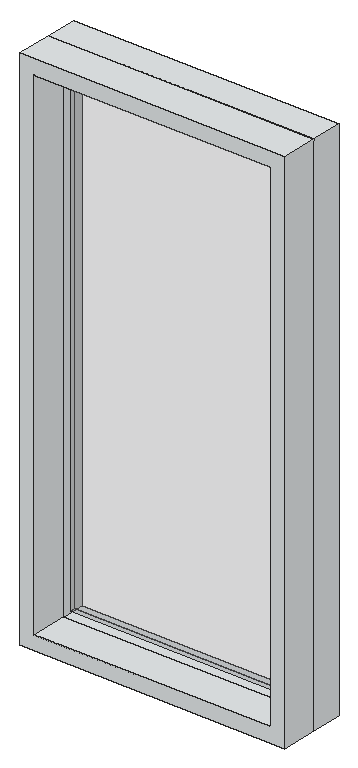
Revit family "Janela_Internas_1Paine_DEG", category Windows, host Wall, Revit 2020
Family settings
  Host = Wall
  OmniClass Number = 23.30.20.17.21.14
  OmniClass Title = Casement Windows
  Always vertical = Yes
  Cut with Voids When Loaded = No
  Shared = No
  Room Calculation Point = No
Parameters (values of type "JAN_060x120_INT_DEG_1PA")
  Material_Esquadria = CT_Esquadrias_Aluminio
  Material Painel = CT_Vidros
  Height = 1200.00 mm
  Define Thermal Properties by = Schematic Type
  Default Sill Height = 900.00 mm
  Trim Projection - Ext. = 12.50 mm
  Trim Projection - Int. = 12.50 mm
  Trim Width - Exterior = 50.00 mm
  Trim Width - Interior = 50.00 mm
  Wall Closure = By host
  Width = 600.00 mm
  Window Inset = 25.00 mm
  Analytic Construction = "<None>"
Types (4, lengths in mm): name | Height | Default Sill Height | Trim Projection - Ext. | Trim Projection - Int. | Trim Width - Exterior | Trim Width - Interior | Width | Window Inset
  JAN_200x060_INT_DEG_1PA | 600.00 | 900.00 | 12.50 | 12.50 | 50.00 | 50.00 | 2000.00 | 25.00
  JAN_120x120_INT_DEG_1PA | 1200.00 | 900.00 | 12.50 | 12.50 | 50.00 | 50.00 | 1200.00 | 25.00
  JAN_060x120_INT_DEG_1PA | 1200.00 | 900.00 | 12.50 | 12.50 | 50.00 | 50.00 | 600.00 | 25.00
  JAN_080x080_INT_DEG_1PA | 800.00 | 1000.00 | 10.00 | 10.00 | 10.00 | 10.00 | 800.00 | 10.00
Reference planes
  plane 1: y = 0
  plane 2: z = 0
  plane 3 "Center": x = 0
  plane 4 "Left": x = -300
  plane 5 "Right": x = 300
  plane 6 "Sill": z = 900
  plane 7 "Top": z = 2100
  plane 8: y = 76.2
  plane 9: y = -76.2
  plane 10: y = 51.2
  plane 11 "Top": z = 1500
  plane 12: x = -280.95
  plane 13: x = -268.25
  plane 14: x = -330.95
  plane 15: x = -318.25
  plane 16: x = 268.25
  plane 17: x = 280.95
  plane 18: x = 318.25
  plane 19: x = 330.95
  plane 20: z = 2130.95
  plane 21: z = 2118.25
  plane 22: z = 2080.95
  plane 23: z = 2068.25
  plane 24: z = 931.75
  plane 25: z = 881.75
  plane 26 "Closure": y = 28.625
Forms (mm)
  Extrusion 1, solid, material "CT_Esquadrias_Aluminio" <- "Material_Esquadria"
    sketch origin (0, 0, 0) x (1, 0, 0) y (0, 0, 1)
      loop
        line (-300, 2100) -> (-300, 900) -> (300, 900) -> (300, 2100) -> (-300, 2100)
      loop
        line (-280.95, 2080.95) -> (-280.95, 919.05) -> (280.95, 919.05) -> (280.95, 2080.95) -> (-280.95, 2080.95)
    from -76.2 to -6.75
  Extrusion 2, solid, material "CT_Esquadrias_Aluminio" <- "Material_Esquadria"
    sketch origin (0, 0, 0) x (-1, 0, 0) y (0, 0, 1)
      loop
        line (-300, 2100) -> (-300, 900) -> (300, 900) -> (300, 2100) -> (-300, 2100)
      loop
        line (-268.25, 2068.25) -> (-268.25, 931.75) -> (268.25, 931.75) -> (268.25, 2068.25) -> (-268.25, 2068.25)
    from 6.75 to -76.2
  Extrusion 3, solid, material "CT_Vidros" <- "Material Painel"
    sketch origin (-124.971, -78.7, -117.036) x (1, 0, 0) y (0, 0, 1)
      loop
        line (-143.279, 2185.286) -> (-143.279, 1048.786) -> (393.221, 1048.786) -> (393.221, 2185.286) -> (-143.279, 2185.286)
    from -118.585 to -107.675
Lines and regions (mm)
  Opening 1
    outline origin (-1524, -76.2, 0) x (1, 0, 0) y (0, 0, 1)
      loop
        line (1224, 2100) -> (1224, 900) -> (1824, 900) -> (1824, 2100) -> (1224, 2100)
  symbolic lines, style "WindowsFrameMullionProjection"
    curve 1: line (-300, 76.2, 0) -> (-280.95, 76.2, 0)
    curve 2: line (-280.95, 6.75, 0) -> (-280.95, 76.2, 0)
    curve 3: line (-280.95, 6.75, 0) -> (-268.25, 6.75, 0)
    curve 4: line (-268.25, -76.2, 0) -> (-268.25, 6.75, 0)
    curve 5: line (300, 76.2, 0) -> (280.95, 76.2, 0)
    curve 6: line (268.25, 6.75, 0) -> (268.25, -76.2, 0)
    curve 7: line (268.25, 6.75, 0) -> (280.95, 6.75, 0)
    curve 8: line (280.95, 6.75, 0) -> (280.95, 76.2, 0)
    curve 9: line (-280.95, 51.2, 0) -> (-236.5, 51.2, 0)
    curve 10: line (-280.95, 51.2, 0) -> (-280.95, 6.75, 0)
    curve 11: line (-280.95, 6.75, 0) -> (-236.5, 6.75, 0)
    curve 12: line (-236.5, 51.2, 0) -> (-236.5, 6.75, 0)
    curve 13: line (280.95, 51.2, 0) -> (236.5, 51.2, 0)
    curve 14: line (280.95, 51.2, 0) -> (280.95, 6.75, 0)
    curve 15: line (280.95, 6.75, 0) -> (236.5, 6.75, 0)
    curve 16: line (236.5, 51.2, 0) -> (236.5, 6.75, 0)
    curve 18: line (-268.25, -76.2, 0) -> (-300, -76.2, 0)
    curve 19: line (268.25, -76.2, 0) -> (300, -76.2, 0)
  symbolic lines, style "WindowsGlassProjection"
    curve 17: line (-236.5, 28.975, 0) -> (236.5, 28.975, 0)
Text (mm)
  text "EXTERIOR" at (-1437.207, 772.553, 0), in view "Floor Line"
  text "INTERIOR" at (-1490.695, -608.643, 0), in view "Floor Line"
  text "Exterior" at (0, 1108.87, 3415.022), in view "Left"
  text "Exterior" at (0, 464.664, 3176.206), in view "Right"
Dimensions and locks
  equal spacing: plane 4 "Left", plane 3 "Center", plane 5 "Right"
  "Width": plane 4 "Left" to plane 5 "Right"
  plane 2 to plane 25 to plane 6 "Sill" to plane 11 "Top" to plane 7 "Top" = 881.75 mm, 18.25 mm, 600.00 mm, 600.00 mm
  "Window Inset": plane 8 to plane 10
  plane 10 to Extrusion 3 = 11.315 mm
  Extrusion 3 to Extrusion 3 = 10.91 mm
  equal spacing: plane 6 "Sill", plane 11 "Top", plane 7 "Top"
  locked: plane 4 "Left" to plane 13 at 31.75
  locked: plane 16 to plane 5 "Right" at 31.75
  locked: plane 4 "Left" to plane 12 at 19.05
  locked: plane 17 to plane 5 "Right" at 19.05
  locked: plane 22 to plane 7 "Top" at 19.05
  "Trim Width - Exterior": plane 22 to plane 20
  "Trim Width - Exterior": plane 17 to plane 19
  "Trim Width - Exterior": plane 14 to plane 12
  locked: plane 7 "Top" to plane 23 at 31.75
  locked: plane 24 to plane 6 "Sill" at 31.75
  "Trim Width - Interior": plane 21 to plane 23
  "Trim Width - Interior": plane 24 to plane 25
  "Trim Width - Interior": plane 15 to plane 13
  "Trim Width - Interior": plane 16 to plane 18
  "Height": plane 7 "Top" to plane 6 "Sill"
  "Default Sill Height": plane 6 "Sill" to plane 2
  locked: plane 8 to plane 26 "Closure" at 47.575
  aligned and locked: plane 7 "Top" to Opening 1 sketch curve
  aligned and locked: plane 6 "Sill" to Opening 1 sketch curve  (x2)
  aligned and locked: plane 5 "Right" to Opening 1 sketch curve
  aligned and locked: plane 4 "Left" to Opening 1 sketch curve
  aligned and locked: plane 9 to host wall
  aligned and locked: host wall to Extrusion 2
  aligned and locked: plane 8 to host wall
  aligned and locked: host wall to Extrusion 1
  aligned and locked: Extrusion 2 to Extrusion 1
  aligned and locked: curve 5 to Extrusion 1  (x2)
  aligned and locked: Extrusion 1 to curve 11
  aligned and locked: Extrusion 1 to curve 7
  aligned and locked: Extrusion 3 to Extrusion 2
  aligned and locked: Extrusion 2 to Extrusion 3  (x3)
  aligned and locked: Extrusion 3 to curve 17
Automatic sketch dimensions
  Extrusion 1 sketch curve to plane 4 "Left" = 0.00 mm
  Extrusion 1 sketch curve to plane 5 "Right" = 0.00 mm
  Extrusion 1 sketch curve to plane 4 "Left" = 19.05 mm
  plane 5 "Right" to Extrusion 1 sketch curve = 19.05 mm
  Extrusion 1 sketch curve to plane 6 "Sill" = 0.00 mm
  Extrusion 1 sketch curve to plane 7 "Top" = 0.00 mm
  Extrusion 1 sketch curve to plane 6 "Sill" = 19.05 mm
  plane 7 "Top" to Extrusion 1 sketch curve = 19.05 mm
  Extrusion 2 sketch curve to plane 5 "Right" = 0.00 mm
  Extrusion 2 sketch curve to plane 4 "Left" = 0.00 mm
  plane 5 "Right" to Extrusion 2 sketch curve = 31.75 mm
  Extrusion 2 sketch curve to plane 4 "Left" = 31.75 mm
  Extrusion 2 sketch curve to plane 6 "Sill" = 0.00 mm
  Extrusion 2 sketch curve to plane 7 "Top" = 0.00 mm
  Extrusion 2 sketch curve to plane 6 "Sill" = 31.75 mm
  plane 7 "Top" to Extrusion 2 sketch curve = 31.75 mm
  curve 18 to plane 4 "Left" = 0.00 mm
  curve 1 to plane 4 "Left" = 0.00 mm
  curve 2 to plane 8 = 0.00 mm
  curve 10 to plane 10 = 0.00 mm
  curve 13 to plane 10 = 0.00 mm
  curve 19 to plane 5 "Right" = 0.00 mm
  curve 2 to plane 4 "Left" = 19.05 mm
  curve 9 to curve 12 = 44.45 mm
  plane 5 "Right" to curve 13 = 19.05 mm
  curve 19 to plane 9 = 0.00 mm
  curve 4 to plane 9 = 0.00 mm
  plane 16 to curve 13 = 31.75 mm
  Extrusion 3 sketch curve to plane 13 = 0.00 mm
  plane 16 to Extrusion 3 sketch curve = 0.00 mm
  Extrusion 3 sketch curve to plane 24 = 0.00 mm
  plane 23 to Extrusion 3 sketch curve = 0.00 mm
  curve 3 to plane 13 = 0.00 mm
  curve 7 to plane 16 = 0.00 mm
